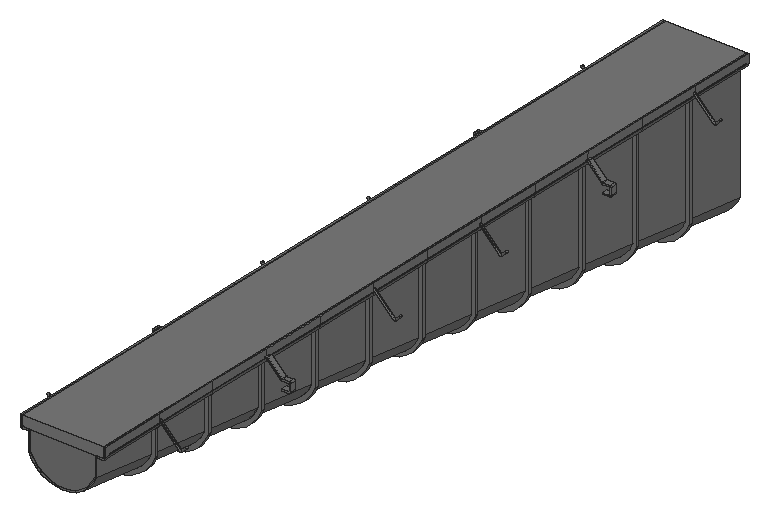
Revit family "9960", category Plumbing Fixtures, Revit 2014
Parameters (values of type "9960 - 4"")
  Waste Connection = yes
  Vent Connection = no
  URL = "http://www.jrsmith.com"
  Type Comments = "Wide Zip Trench"
  Product URL = "https://www.jrsmith.com/9960-zip-trench-drain"
  Product Documentation Link = "https://www.jrsmith.com/uploads/fileLibrary/d9960.pdf"
  Model = "9960"
  Manufacturer = "Jay R. Smith"
  HW Connection = no
  Description = "12-inch Wide Polypropylene Trench Drain System - Zip Trench™"  # constant formula
  Default Elevation = 0"
  Connection Size = 4"
  CW Connection = no
Reference planes (in)
  plane 1 "Center (Front/Back)": y = 0
  plane 2: z = 0
  plane 3 "Center (Left/Right)": x = 0
  plane 4: y = 29.75
  plane 5: y = -29.75
  plane 6: y = -59.3125
  plane 7: y = 59.3125
  plane 8: y = 49.45833
  plane 9: y = 39.60417
  plane 10: y = 9.91667
  plane 11: y = 19.83333
  plane 12: y = -9.91667
  plane 13: y = -19.83333
  plane 14: y = -49.45833
  plane 15: y = -39.60417
  plane 16: y = 49.13688
  plane 17: y = 39.28271
  plane 18: y = 29.42855
  plane 19: y = 19.51188
  plane 20: y = 9.59521
  plane 21: y = -49.13688
  plane 22: y = -39.28271
  plane 23: y = -29.42855
  plane 24: y = -19.51188
  plane 25: y = -9.59521
  plane 26: y = 0.15625
  plane 27: y = -0.15625
  plane 28: y = 58.99105
  plane 29: y = 49.29313
  plane 30: y = 19.66813
  plane 31: y = 9.75146
  plane 32: y = 29.5848
  plane 33: x = -10.1875
  plane 34: x = 10.1875
  plane 35: x = -6.28125
  plane 36: x = 6.28125
  plane 37: x = -4.8125
  plane 38: x = 4.8125
  plane 39: z = -1.5625
  plane 40: x = -2.65276
  plane 41: x = 2.65276
  plane 42: z = -2.31943
  plane 43: x = -2.65276
  plane 44: x = 2.65276
  plane 45: z = -3.56943
  plane 46: z = -7.56
  plane 47: z = -8.81
  plane 48: x = -2.65276
  plane 49: x = 2.65276
  plane 50: z = -3.56943
  plane 51: x = -2.65276
  plane 52: x = 2.65276
  plane 53: z = -4.81943
  plane 54: z = -8.81
  plane 55: z = -10.06
  plane 56: x = -2.65276
  plane 57: x = 2.65276
  plane 58: z = -4.81943
  plane 59: x = -2.65276
  plane 60: x = 2.65276
  plane 61: z = -6.06943
  plane 62: z = -10.06
  plane 63: z = -11.31
  plane 64: x = -2.65276
  plane 65: x = 2.65276
  plane 66: z = -6.06943
  plane 67: x = -2.65276
  plane 68: x = 2.65276
  plane 69: z = -7.31943
  plane 70: z = -11.31
  plane 71: z = -12.56
  plane 72: x = -2.65276
  plane 73: x = 2.65276
  plane 74: z = -7.31943
  plane 75: x = -2.65276
  plane 76: x = 2.65276
  plane 77: z = -8.56943
  plane 78: z = -12.56
  plane 79: z = -13.81
  plane 80: x = -2.65276
  plane 81: x = 2.65276
  plane 82: z = -8.56943
  plane 83: x = -2.65276
  plane 84: x = 2.65276
  plane 85: z = -9.81943
  plane 86: z = -13.81
  plane 87: z = -15.06
  plane 88: x = -2.65276
  plane 89: x = 2.65276
  plane 90: z = -9.81943
  plane 91: x = -2.65276
  plane 92: x = 2.65276
  plane 93: z = -11.06943
  plane 94: z = -15.06
  plane 95: z = -16.31
  plane 96: x = -2.65276
  plane 97: x = 2.65276
  plane 98: z = -11.06943
  plane 99: x = -2.65276
  plane 100: x = 2.65276
  plane 101: z = -12.31943
  plane 102: z = -16.31
  plane 103: z = -17.56
  plane 104: x = -2.65276
  plane 105: x = 2.65276
  plane 106: z = -12.31943
  plane 107: x = -2.65276
  plane 108: x = 2.65276
  plane 109: z = -13.56943
  plane 110: z = -17.56
  plane 111: z = -18.81
  plane 112: x = -2.65276
  plane 113: x = 2.65276
  plane 114: z = -13.56943
  plane 115: x = -2.65276
  plane 116: x = 2.65276
  plane 117: z = -14.81943
  plane 118: z = -18.81
  plane 119: z = -20.06
  plane 120: x = -2.65276
  plane 121: x = 2.65276
  plane 122: z = -14.81943
  plane 123: x = -2.65276
  plane 124: x = 2.65276
  plane 125: z = -16.06943
  plane 126: z = -20.06
  plane 127: z = -21.31
  plane 128: x = -2.65276
  plane 129: x = 2.65276
  plane 130: z = -16.06943
  plane 131: x = -2.65276
  plane 132: x = 2.65276
  plane 133: z = -17.31943
  plane 134: z = -21.31
  plane 135: z = -22.56
  plane 136: z = -20.31
Forms (in)
  Sweep 1, solid, material "Coated Steel"
    path origin (-3.8125, 49.29313, 0) x (1, 0, 0) y (0, 0, 1)
      loop
        line (-6.4375, -3.00878) -> (-5.8065, -3.63978)
        arc (-5.8065, -3.63978) -> (-5.60396, -3.72367) -> (-5.40141, -3.63978) r 0.28644
        line (-5.40141, -3.63978) -> (-2.46486, -0.70323)
    profile origin (-9.9345, 49.29313, -3.32428) x (0.707107, 0, 0.707107) y (0, -1, 0)
      loop
        circle (0, 0) r 0.125
  Sweep 2, solid, material "Coated Steel"
    path origin (-3.8125, 9.75146, 0) x (1, 0, 0) y (0, 0, 1)
      loop
        line (-6.4375, -3.00878) -> (-5.8065, -3.63978)
        arc (-5.8065, -3.63978) -> (-5.60396, -3.72367) -> (-5.40141, -3.63978) r 0.28644
        line (-5.40141, -3.63978) -> (-2.46486, -0.70323)
    profile origin (-9.9345, 9.75146, -3.32428) x (0.707107, 0, 0.707107) y (0, -1, 0)
      loop
        circle (0, 0) r 0.125
  Sweep 3, solid, material "Coated Steel"
    path origin (-3.8125, -9.75146, 0) x (1, 0, 0) y (0, 0, -1)
      loop
        line (-6.4375, 3.00878) -> (-5.8065, 3.63978)
        arc (-5.8065, 3.63978) -> (-5.60396, 3.72367) -> (-5.40141, 3.63978) r 0.28644
        line (-5.40141, 3.63978) -> (-2.46486, 0.70323)
    profile origin (-9.9345, -9.75146, -3.32428) x (-0.707107, 0, -0.707107) y (0, 1, 0)
      loop
        circle (0, 0) r 0.125
  Extrusion 4, solid, material "Coated Steel"
    sketch origin (0, -0.12653, 0) x (1, 0, 0) y (0, 0, 1)
      loop
        line (-6.7806, -0.8125) -> (-8.84024, -2.87214)
        arc (-8.84024, -2.87214) -> (-8.88121, -2.89951) -> (-8.92954, -2.90913) r 0.12629
        line (-8.92954, -2.90913) -> (-9.9859, -2.90913)
        arc (-9.9859, -2.90913) -> (-10.12845, -2.96818) -> (-10.1875, -3.11073) r 0.2016
        line (-10.1875, -3.11073) -> (-10.1875, -4.20026)
        arc (-10.1875, -4.20026) -> (-10.12632, -4.34795) -> (-9.97863, -4.40913) r 0.20887
        line (-9.97863, -4.40913) -> (-8.89523, -4.40913) -> (-8.89523, -4.21916) -> (-9.93024, -4.21916)
        arc (-9.93024, -4.21916) -> (-9.99657, -4.19168) -> (-10.02405, -4.12534) r 0.09381
        line (-10.02405, -4.12534) -> (-10.02405, -3.17579)
        arc (-10.02405, -3.17579) -> (-10.00501, -3.12981) -> (-9.95903, -3.11076) r 0.06502
        line (-9.95903, -3.11076) -> (-8.95054, -3.11076)
        arc (-8.95054, -3.11076) -> (-8.81922, -3.08464) -> (-8.70788, -3.01025) r 0.34317
        line (-8.70788, -3.01025) -> (-6.67419, -0.97656) -> (-6.31671, -0.97656) -> (-6.31671, -0.8125) -> (-6.7806, -0.8125)
      loop
        line (6.7806, -0.8125) -> (6.31671, -0.8125) -> (6.31671, -0.97656) -> (6.67419, -0.97656) -> (8.70788, -3.01025)
        arc (8.70788, -3.01025) -> (8.81922, -3.08464) -> (8.95054, -3.11076) r 0.34317
        line (8.95054, -3.11076) -> (9.95903, -3.11076)
        arc (9.95903, -3.11076) -> (10.00501, -3.12981) -> (10.02405, -3.17579) r 0.06502
        line (10.02405, -3.17579) -> (10.02405, -4.12534)
        arc (10.02405, -4.12534) -> (9.99657, -4.19168) -> (9.93024, -4.21916) r 0.09381
        line (9.93024, -4.21916) -> (8.89523, -4.21916) -> (8.89523, -4.40913) -> (9.97863, -4.40913)
        arc (9.97863, -4.40913) -> (10.12632, -4.34795) -> (10.1875, -4.20026) r 0.20887
        line (10.1875, -4.20026) -> (10.1875, -3.11073)
        arc (10.1875, -3.11073) -> (10.12845, -2.96818) -> (9.9859, -2.90913) r 0.2016
        line (9.9859, -2.90913) -> (8.92954, -2.90913)
        arc (8.92954, -2.90913) -> (8.88121, -2.89951) -> (8.84024, -2.87214) r 0.12629
        line (8.84024, -2.87214) -> (6.7806, -0.8125)
    from -30.12653 to -29.29612
  Extrusion 5, solid, material "Coated Steel"
    sketch origin (0, 0.12653, 0) x (1, 0, 0) y (0, 0, -1)
      loop
        line (6.7806, 0.8125) -> (8.84024, 2.87214)
        arc (8.84024, 2.87214) -> (8.88121, 2.89951) -> (8.92954, 2.90913) r 0.12629
        line (8.92954, 2.90913) -> (9.9859, 2.90913)
        arc (9.9859, 2.90913) -> (10.12845, 2.96818) -> (10.1875, 3.11073) r 0.2016
        line (10.1875, 3.11073) -> (10.1875, 4.20026)
        arc (10.1875, 4.20026) -> (10.12632, 4.34795) -> (9.97863, 4.40913) r 0.20887
        line (9.97863, 4.40913) -> (8.89523, 4.40913) -> (8.89523, 4.21916) -> (9.93024, 4.21916)
        arc (9.93024, 4.21916) -> (9.99657, 4.19168) -> (10.02405, 4.12534) r 0.09381
        line (10.02405, 4.12534) -> (10.02405, 3.17579)
        arc (10.02405, 3.17579) -> (10.00501, 3.12981) -> (9.95903, 3.11076) r 0.06502
        line (9.95903, 3.11076) -> (8.95054, 3.11076)
        arc (8.95054, 3.11076) -> (8.81922, 3.08464) -> (8.70788, 3.01025) r 0.34317
        line (8.70788, 3.01025) -> (6.67419, 0.97656) -> (6.31671, 0.97656) -> (6.31671, 0.8125) -> (6.7806, 0.8125)
      loop
        line (-6.7806, 0.8125) -> (-6.31671, 0.8125) -> (-6.31671, 0.97656) -> (-6.67419, 0.97656) -> (-8.70788, 3.01025)
        arc (-8.70788, 3.01025) -> (-8.81922, 3.08464) -> (-8.95054, 3.11076) r 0.34317
        line (-8.95054, 3.11076) -> (-9.95903, 3.11076)
        arc (-9.95903, 3.11076) -> (-10.00501, 3.12981) -> (-10.02405, 3.17579) r 0.06502
        line (-10.02405, 3.17579) -> (-10.02405, 4.12534)
        arc (-10.02405, 4.12534) -> (-9.99657, 4.19168) -> (-9.93024, 4.21916) r 0.09381
        line (-9.93024, 4.21916) -> (-8.89523, 4.21916) -> (-8.89523, 4.40913) -> (-9.97863, 4.40913)
        arc (-9.97863, 4.40913) -> (-10.12632, 4.34795) -> (-10.1875, 4.20026) r 0.20887
        line (-10.1875, 4.20026) -> (-10.1875, 3.11073)
        arc (-10.1875, 3.11073) -> (-10.12845, 2.96818) -> (-9.9859, 2.90913) r 0.2016
        line (-9.9859, 2.90913) -> (-8.92954, 2.90913)
        arc (-8.92954, 2.90913) -> (-8.88121, 2.89951) -> (-8.84024, 2.87214) r 0.12629
        line (-8.84024, 2.87214) -> (-6.7806, 0.8125)
    from -30.12653 to -29.29612
  Sweep 6, solid, material "Coated Steel"
    path origin (-3.8125, -49.29313, 0) x (1, 0, 0) y (0, 0, -1)
      loop
        line (-6.4375, 3.00878) -> (-5.8065, 3.63978)
        arc (-5.8065, 3.63978) -> (-5.60396, 3.72367) -> (-5.40141, 3.63978) r 0.28644
        line (-5.40141, 3.63978) -> (-2.46486, 0.70323)
    profile origin (-9.9345, -49.29313, -3.32428) x (-0.707107, 0, -0.707107) y (0, 1, 0)
      loop
        circle (0, 0) r 0.125
  Extrusion 7, solid, material "Steel"
    sketch origin (0, 0, 0) x (1, 0, 0) y (0, 0, 1)
      loop
        line (-6.03125, 0) -> (-6.03125, -1.3125)
        arc (-6.03125, -1.3125) -> (-5.95803, -1.48928) -> (-5.78125, -1.5625) r 0.25
        line (-5.78125, -1.5625) -> (5.78125, -1.5625)
        arc (5.78125, -1.5625) -> (5.95803, -1.48928) -> (6.03125, -1.3125) r 0.25
        line (6.03125, -1.3125) -> (6.03125, 0) -> (-6.03125, 0)
    from -59.3125 to 59.3125
  Blend 8, solid, material "Coated Steel"
    base sketch origin (-25, 0, 0) x (1, 0, 0) y (0, 0, 1)
      loop
        line (18.71875, 0) -> (18.71875, -1.3125)
        arc (18.71875, -1.3125) -> (18.8652, -1.66605) -> (19.21875, -1.8125) r 0.5
        line (19.21875, -1.8125) -> (19.9375, -1.8125) -> (19.9375, -5.69486)
        arc (19.9375, -5.69486) -> (25, -9.06) -> (30.0625, -5.69486) r 5.49057
        line (30.0625, -5.69486) -> (30.0625, -1.8125) -> (30.78125, -1.8125)
        arc (30.78125, -1.8125) -> (31.1348, -1.66605) -> (31.28125, -1.3125) r 0.5
        line (31.28125, -1.3125) -> (31.28125, 0) -> (31.03125, 0) -> (31.03125, -1.3125)
        arc (31.03125, -1.3125) -> (30.95803, -1.48928) -> (30.78125, -1.5625) r 0.25
        line (30.78125, -1.5625) -> (30.03687, -1.5625)
        arc (30.03687, -1.5625) -> (29.87822, -1.62822) -> (29.8125, -1.78687) r 0.22437
        line (29.8125, -1.78687) -> (29.8125, -5.6439)
        arc (29.8125, -5.6439) -> (25, -8.81) -> (20.1875, -5.6439) r 5.24057
        line (20.1875, -5.6439) -> (20.1875, -1.78687)
        arc (20.1875, -1.78687) -> (20.12178, -1.62822) -> (19.96313, -1.5625) r 0.22437
        line (19.96313, -1.5625) -> (19.21875, -1.5625)
        arc (19.21875, -1.5625) -> (19.04197, -1.48928) -> (18.96875, -1.3125) r 0.25
        line (18.96875, -1.3125) -> (18.96875, 0) -> (18.71875, 0)
    top sketch origin (-25, 0, 0) x (1, 0, 0) y (0, 0, 1)
      loop
        line (18.71875, 0) -> (18.71875, -1.3125)
        arc (18.71875, -1.3125) -> (18.8652, -1.66605) -> (19.21875, -1.8125) r 0.5
        line (19.21875, -1.8125) -> (19.9375, -1.8125) -> (19.9375, -4.44486)
        arc (19.9375, -4.44486) -> (25, -7.81) -> (30.0625, -4.44486) r 5.49057
        line (30.0625, -4.44486) -> (30.0625, -1.8125) -> (30.78125, -1.8125)
        arc (30.78125, -1.8125) -> (31.1348, -1.66605) -> (31.28125, -1.3125) r 0.5
        line (31.28125, -1.3125) -> (31.28125, 0) -> (31.03125, 0) -> (31.03125, -1.3125)
        arc (31.03125, -1.3125) -> (30.95803, -1.48928) -> (30.78125, -1.5625) r 0.25
        line (30.78125, -1.5625) -> (30.03687, -1.5625)
        arc (30.03687, -1.5625) -> (29.87822, -1.62822) -> (29.8125, -1.78687) r 0.22437
        line (29.8125, -1.78687) -> (29.8125, -4.3939)
        arc (29.8125, -4.3939) -> (25, -7.56) -> (20.1875, -4.3939) r 5.24057
        line (20.1875, -4.3939) -> (20.1875, -1.78687)
        arc (20.1875, -1.78687) -> (20.12178, -1.62822) -> (19.96313, -1.5625) r 0.22437
        line (19.96313, -1.5625) -> (19.21875, -1.5625)
        arc (19.21875, -1.5625) -> (19.04197, -1.48928) -> (18.96875, -1.3125) r 0.25
        line (18.96875, -1.3125) -> (18.96875, 0) -> (18.71875, 0)
    from 49.45833 to 59.3125
  Extrusion 9, solid, material "Coated Steel"
    sketch origin (0, -98.59521, 0) x (1, 0, 0) y (0, 0, 1)
      loop
        arc (5.0625, -5.69486) -> (0, -9.06) -> (-5.0625, -5.69486) r 5.49057
        line (-5.0625, -5.69486) -> (-5.0625, -1.8125) -> (-5.78125, -1.8125) -> (-5.78125, -5.835)
        arc (-5.78125, -5.835) -> (0, -9.77875) -> (5.78125, -5.835) r 6.20932
        line (5.78125, -5.835) -> (5.78125, -1.8125) -> (5.0625, -1.8125) -> (5.0625, -5.69486)
    from -49.45833 to -49.13688
  Sweep 10, solid, material "Coated Steel"
    path origin (3.8125, 49.29313, 0) x (-1, 0, 0) y (0, 0, -1)
      loop
        line (-6.4375, 3.00878) -> (-5.8065, 3.63978)
        arc (-5.8065, 3.63978) -> (-5.60396, 3.72367) -> (-5.40141, 3.63978) r 0.28644
        line (-5.40141, 3.63978) -> (-2.46486, 0.70323)
    profile origin (9.9345, 49.29313, -3.32428) x (0.707107, 0, -0.707107) y (0, -1, 0)
      loop
        circle (0, 0) r 0.125
  Sweep 11, solid, material "Coated Steel"
    path origin (3.8125, 9.75146, 0) x (-1, 0, 0) y (0, 0, -1)
      loop
        line (-6.4375, 3.00878) -> (-5.8065, 3.63978)
        arc (-5.8065, 3.63978) -> (-5.60396, 3.72367) -> (-5.40141, 3.63978) r 0.28644
        line (-5.40141, 3.63978) -> (-2.46486, 0.70323)
    profile origin (9.9345, 9.75146, -3.32428) x (0.707107, 0, -0.707107) y (0, -1, 0)
      loop
        circle (0, 0) r 0.125
  Sweep 12, solid, material "Coated Steel"
    path origin (3.8125, -9.75146, 0) x (-1, 0, 0) y (0, 0, 1)
      loop
        line (-6.4375, -3.00878) -> (-5.8065, -3.63978)
        arc (-5.8065, -3.63978) -> (-5.60396, -3.72367) -> (-5.40141, -3.63978) r 0.28644
        line (-5.40141, -3.63978) -> (-2.46486, -0.70323)
    profile origin (9.9345, -9.75146, -3.32428) x (-0.707107, 0, 0.707107) y (0, 1, 0)
      loop
        circle (0, 0) r 0.125
  Sweep 13, solid, material "Coated Steel"
    path origin (3.8125, -49.29313, 0) x (-1, 0, 0) y (0, 0, 1)
      loop
        line (-6.4375, -3.00878) -> (-5.8065, -3.63978)
        arc (-5.8065, -3.63978) -> (-5.60396, -3.72367) -> (-5.40141, -3.63978) r 0.28644
        line (-5.40141, -3.63978) -> (-2.46486, -0.70323)
    profile origin (9.9345, -49.29313, -3.32428) x (-0.707107, 0, 0.707107) y (0, 1, 0)
      loop
        circle (0, 0) r 0.125
  Blend 14, solid, material "Coated Steel"
    base sketch origin (-25, 0, 0) x (1, 0, 0) y (0, 0, 1)
      loop
        line (18.71875, 0) -> (18.71875, -1.3125)
        arc (18.71875, -1.3125) -> (18.8652, -1.66605) -> (19.21875, -1.8125) r 0.5
        line (19.21875, -1.8125) -> (19.9375, -1.8125) -> (19.9375, -6.94486)
        arc (19.9375, -6.94486) -> (25, -10.31) -> (30.0625, -6.94486) r 5.49057
        line (30.0625, -6.94486) -> (30.0625, -1.8125) -> (30.78125, -1.8125)
        arc (30.78125, -1.8125) -> (31.1348, -1.66605) -> (31.28125, -1.3125) r 0.5
        line (31.28125, -1.3125) -> (31.28125, 0) -> (31.03125, 0) -> (31.03125, -1.3125)
        arc (31.03125, -1.3125) -> (30.95803, -1.48928) -> (30.78125, -1.5625) r 0.25
        line (30.78125, -1.5625) -> (30.03687, -1.5625)
        arc (30.03687, -1.5625) -> (29.87822, -1.62822) -> (29.8125, -1.78687) r 0.22437
        line (29.8125, -1.78687) -> (29.8125, -6.8939)
        arc (29.8125, -6.8939) -> (25, -10.06) -> (20.1875, -6.8939) r 5.24057
        line (20.1875, -6.8939) -> (20.1875, -1.78687)
        arc (20.1875, -1.78687) -> (20.12178, -1.62822) -> (19.96313, -1.5625) r 0.22437
        line (19.96313, -1.5625) -> (19.21875, -1.5625)
        arc (19.21875, -1.5625) -> (19.04197, -1.48928) -> (18.96875, -1.3125) r 0.25
        line (18.96875, -1.3125) -> (18.96875, 0) -> (18.71875, 0)
    top sketch origin (-25, 0, 0) x (1, 0, 0) y (0, 0, 1)
      loop
        line (18.71875, 0) -> (18.71875, -1.3125)
        arc (18.71875, -1.3125) -> (18.8652, -1.66605) -> (19.21875, -1.8125) r 0.5
        line (19.21875, -1.8125) -> (19.9375, -1.8125) -> (19.9375, -5.69486)
        arc (19.9375, -5.69486) -> (25, -9.06) -> (30.0625, -5.69486) r 5.49057
        line (30.0625, -5.69486) -> (30.0625, -1.8125) -> (30.78125, -1.8125)
        arc (30.78125, -1.8125) -> (31.1348, -1.66605) -> (31.28125, -1.3125) r 0.5
        line (31.28125, -1.3125) -> (31.28125, 0) -> (31.03125, 0) -> (31.03125, -1.3125)
        arc (31.03125, -1.3125) -> (30.95803, -1.48928) -> (30.78125, -1.5625) r 0.25
        line (30.78125, -1.5625) -> (30.03687, -1.5625)
        arc (30.03687, -1.5625) -> (29.87822, -1.62822) -> (29.8125, -1.78687) r 0.22437
        line (29.8125, -1.78687) -> (29.8125, -5.6439)
        arc (29.8125, -5.6439) -> (25, -8.81) -> (20.1875, -5.6439) r 5.24057
        line (20.1875, -5.6439) -> (20.1875, -1.78687)
        arc (20.1875, -1.78687) -> (20.12178, -1.62822) -> (19.96313, -1.5625) r 0.22437
        line (19.96313, -1.5625) -> (19.21875, -1.5625)
        arc (19.21875, -1.5625) -> (19.04197, -1.48928) -> (18.96875, -1.3125) r 0.25
        line (18.96875, -1.3125) -> (18.96875, 0) -> (18.71875, 0)
    from 39.60417 to 49.45833
  Blend 15, solid, material "Coated Steel"
    base sketch origin (-25, 0, 0) x (1, 0, 0) y (0, 0, 1)
      loop
        line (18.71875, 0) -> (18.71875, -1.3125)
        arc (18.71875, -1.3125) -> (18.8652, -1.66605) -> (19.21875, -1.8125) r 0.5
        line (19.21875, -1.8125) -> (19.9375, -1.8125) -> (19.9375, -8.19486)
        arc (19.9375, -8.19486) -> (25, -11.56) -> (30.0625, -8.19486) r 5.49057
        line (30.0625, -8.19486) -> (30.0625, -1.8125) -> (30.78125, -1.8125)
        arc (30.78125, -1.8125) -> (31.1348, -1.66605) -> (31.28125, -1.3125) r 0.5
        line (31.28125, -1.3125) -> (31.28125, 0) -> (31.03125, 0) -> (31.03125, -1.3125)
        arc (31.03125, -1.3125) -> (30.95803, -1.48928) -> (30.78125, -1.5625) r 0.25
        line (30.78125, -1.5625) -> (30.03687, -1.5625)
        arc (30.03687, -1.5625) -> (29.87822, -1.62822) -> (29.8125, -1.78687) r 0.22437
        line (29.8125, -1.78687) -> (29.8125, -8.1439)
        arc (29.8125, -8.1439) -> (25, -11.31) -> (20.1875, -8.1439) r 5.24057
        line (20.1875, -8.1439) -> (20.1875, -1.78687)
        arc (20.1875, -1.78687) -> (20.12178, -1.62822) -> (19.96313, -1.5625) r 0.22437
        line (19.96313, -1.5625) -> (19.21875, -1.5625)
        arc (19.21875, -1.5625) -> (19.04197, -1.48928) -> (18.96875, -1.3125) r 0.25
        line (18.96875, -1.3125) -> (18.96875, 0) -> (18.71875, 0)
    top sketch origin (-25, 0, 0) x (1, 0, 0) y (0, 0, 1)
      loop
        line (18.71875, 0) -> (18.71875, -1.3125)
        arc (18.71875, -1.3125) -> (18.8652, -1.66605) -> (19.21875, -1.8125) r 0.5
        line (19.21875, -1.8125) -> (19.9375, -1.8125) -> (19.9375, -6.94486)
        arc (19.9375, -6.94486) -> (25, -10.31) -> (30.0625, -6.94486) r 5.49057
        line (30.0625, -6.94486) -> (30.0625, -1.8125) -> (30.78125, -1.8125)
        arc (30.78125, -1.8125) -> (31.1348, -1.66605) -> (31.28125, -1.3125) r 0.5
        line (31.28125, -1.3125) -> (31.28125, 0) -> (31.03125, 0) -> (31.03125, -1.3125)
        arc (31.03125, -1.3125) -> (30.95803, -1.48928) -> (30.78125, -1.5625) r 0.25
        line (30.78125, -1.5625) -> (30.03687, -1.5625)
        arc (30.03687, -1.5625) -> (29.87822, -1.62822) -> (29.8125, -1.78687) r 0.22437
        line (29.8125, -1.78687) -> (29.8125, -6.8939)
        arc (29.8125, -6.8939) -> (25, -10.06) -> (20.1875, -6.8939) r 5.24057
        line (20.1875, -6.8939) -> (20.1875, -1.78687)
        arc (20.1875, -1.78687) -> (20.12178, -1.62822) -> (19.96313, -1.5625) r 0.22437
        line (19.96313, -1.5625) -> (19.21875, -1.5625)
        arc (19.21875, -1.5625) -> (19.04197, -1.48928) -> (18.96875, -1.3125) r 0.25
        line (18.96875, -1.3125) -> (18.96875, 0) -> (18.71875, 0)
    from 29.75 to 39.60417
  Blend 16, solid, material "Coated Steel"
    base sketch origin (-25, 0, 0) x (1, 0, 0) y (0, 0, 1)
      loop
        line (18.71875, 0) -> (18.71875, -1.3125)
        arc (18.71875, -1.3125) -> (18.8652, -1.66605) -> (19.21875, -1.8125) r 0.5
        line (19.21875, -1.8125) -> (19.9375, -1.8125) -> (19.9375, -9.44486)
        arc (19.9375, -9.44486) -> (25, -12.81) -> (30.0625, -9.44486) r 5.49057
        line (30.0625, -9.44486) -> (30.0625, -1.8125) -> (30.78125, -1.8125)
        arc (30.78125, -1.8125) -> (31.1348, -1.66605) -> (31.28125, -1.3125) r 0.5
        line (31.28125, -1.3125) -> (31.28125, 0) -> (31.03125, 0) -> (31.03125, -1.3125)
        arc (31.03125, -1.3125) -> (30.95803, -1.48928) -> (30.78125, -1.5625) r 0.25
        line (30.78125, -1.5625) -> (30.03687, -1.5625)
        arc (30.03687, -1.5625) -> (29.87822, -1.62822) -> (29.8125, -1.78687) r 0.22437
        line (29.8125, -1.78687) -> (29.8125, -9.3939)
        arc (29.8125, -9.3939) -> (25, -12.56) -> (20.1875, -9.3939) r 5.24057
        line (20.1875, -9.3939) -> (20.1875, -1.78687)
        arc (20.1875, -1.78687) -> (20.12178, -1.62822) -> (19.96313, -1.5625) r 0.22437
        line (19.96313, -1.5625) -> (19.21875, -1.5625)
        arc (19.21875, -1.5625) -> (19.04197, -1.48928) -> (18.96875, -1.3125) r 0.25
        line (18.96875, -1.3125) -> (18.96875, 0) -> (18.71875, 0)
    top sketch origin (-25, 0, 0) x (1, 0, 0) y (0, 0, 1)
      loop
        line (18.71875, 0) -> (18.71875, -1.3125)
        arc (18.71875, -1.3125) -> (18.8652, -1.66605) -> (19.21875, -1.8125) r 0.5
        line (19.21875, -1.8125) -> (19.9375, -1.8125) -> (19.9375, -8.19486)
        arc (19.9375, -8.19486) -> (25, -11.56) -> (30.0625, -8.19486) r 5.49057
        line (30.0625, -8.19486) -> (30.0625, -1.8125) -> (30.78125, -1.8125)
        arc (30.78125, -1.8125) -> (31.1348, -1.66605) -> (31.28125, -1.3125) r 0.5
        line (31.28125, -1.3125) -> (31.28125, 0) -> (31.03125, 0) -> (31.03125, -1.3125)
        arc (31.03125, -1.3125) -> (30.95803, -1.48928) -> (30.78125, -1.5625) r 0.25
        line (30.78125, -1.5625) -> (30.03687, -1.5625)
        arc (30.03687, -1.5625) -> (29.87822, -1.62822) -> (29.8125, -1.78687) r 0.22437
        line (29.8125, -1.78687) -> (29.8125, -8.1439)
        arc (29.8125, -8.1439) -> (25, -11.31) -> (20.1875, -8.1439) r 5.24057
        line (20.1875, -8.1439) -> (20.1875, -1.78687)
        arc (20.1875, -1.78687) -> (20.12178, -1.62822) -> (19.96313, -1.5625) r 0.22437
        line (19.96313, -1.5625) -> (19.21875, -1.5625)
        arc (19.21875, -1.5625) -> (19.04197, -1.48928) -> (18.96875, -1.3125) r 0.25
        line (18.96875, -1.3125) -> (18.96875, 0) -> (18.71875, 0)
    from 19.83333 to 29.75
  Blend 17, solid, material "Coated Steel"
    base sketch origin (-25, 0, 0) x (1, 0, 0) y (0, 0, 1)
      loop
        line (18.71875, 0) -> (18.71875, -1.3125)
        arc (18.71875, -1.3125) -> (18.8652, -1.66605) -> (19.21875, -1.8125) r 0.5
        line (19.21875, -1.8125) -> (19.9375, -1.8125) -> (19.9375, -10.69486)
        arc (19.9375, -10.69486) -> (25, -14.06) -> (30.0625, -10.69486) r 5.49057
        line (30.0625, -10.69486) -> (30.0625, -1.8125) -> (30.78125, -1.8125)
        arc (30.78125, -1.8125) -> (31.1348, -1.66605) -> (31.28125, -1.3125) r 0.5
        line (31.28125, -1.3125) -> (31.28125, 0) -> (31.03125, 0) -> (31.03125, -1.3125)
        arc (31.03125, -1.3125) -> (30.95803, -1.48928) -> (30.78125, -1.5625) r 0.25
        line (30.78125, -1.5625) -> (30.03687, -1.5625)
        arc (30.03687, -1.5625) -> (29.87822, -1.62822) -> (29.8125, -1.78687) r 0.22437
        line (29.8125, -1.78687) -> (29.8125, -10.6439)
        arc (29.8125, -10.6439) -> (25, -13.81) -> (20.1875, -10.6439) r 5.24057
        line (20.1875, -10.6439) -> (20.1875, -1.78687)
        arc (20.1875, -1.78687) -> (20.12178, -1.62822) -> (19.96313, -1.5625) r 0.22437
        line (19.96313, -1.5625) -> (19.21875, -1.5625)
        arc (19.21875, -1.5625) -> (19.04197, -1.48928) -> (18.96875, -1.3125) r 0.25
        line (18.96875, -1.3125) -> (18.96875, 0) -> (18.71875, 0)
    top sketch origin (-25, 0, 0) x (1, 0, 0) y (0, 0, 1)
      loop
        line (18.71875, 0) -> (18.71875, -1.3125)
        arc (18.71875, -1.3125) -> (18.8652, -1.66605) -> (19.21875, -1.8125) r 0.5
        line (19.21875, -1.8125) -> (19.9375, -1.8125) -> (19.9375, -9.44486)
        arc (19.9375, -9.44486) -> (25, -12.81) -> (30.0625, -9.44486) r 5.49057
        line (30.0625, -9.44486) -> (30.0625, -1.8125) -> (30.78125, -1.8125)
        arc (30.78125, -1.8125) -> (31.1348, -1.66605) -> (31.28125, -1.3125) r 0.5
        line (31.28125, -1.3125) -> (31.28125, 0) -> (31.03125, 0) -> (31.03125, -1.3125)
        arc (31.03125, -1.3125) -> (30.95803, -1.48928) -> (30.78125, -1.5625) r 0.25
        line (30.78125, -1.5625) -> (30.03687, -1.5625)
        arc (30.03687, -1.5625) -> (29.87822, -1.62822) -> (29.8125, -1.78687) r 0.22437
        line (29.8125, -1.78687) -> (29.8125, -9.3939)
        arc (29.8125, -9.3939) -> (25, -12.56) -> (20.1875, -9.3939) r 5.24057
        line (20.1875, -9.3939) -> (20.1875, -1.78687)
        arc (20.1875, -1.78687) -> (20.12178, -1.62822) -> (19.96313, -1.5625) r 0.22437
        line (19.96313, -1.5625) -> (19.21875, -1.5625)
        arc (19.21875, -1.5625) -> (19.04197, -1.48928) -> (18.96875, -1.3125) r 0.25
        line (18.96875, -1.3125) -> (18.96875, 0) -> (18.71875, 0)
    from 9.91667 to 19.83333
  Blend 18, solid, material "Coated Steel"
    base sketch origin (-25, 0, 0) x (1, 0, 0) y (0, 0, 1)
      loop
        line (18.71875, 0) -> (18.71875, -1.3125)
        arc (18.71875, -1.3125) -> (18.8652, -1.66605) -> (19.21875, -1.8125) r 0.5
        line (19.21875, -1.8125) -> (19.9375, -1.8125) -> (19.9375, -11.94486)
        arc (19.9375, -11.94486) -> (25, -15.31) -> (30.0625, -11.94486) r 5.49057
        line (30.0625, -11.94486) -> (30.0625, -1.8125) -> (30.78125, -1.8125)
        arc (30.78125, -1.8125) -> (31.1348, -1.66605) -> (31.28125, -1.3125) r 0.5
        line (31.28125, -1.3125) -> (31.28125, 0) -> (31.03125, 0) -> (31.03125, -1.3125)
        arc (31.03125, -1.3125) -> (30.95803, -1.48928) -> (30.78125, -1.5625) r 0.25
        line (30.78125, -1.5625) -> (30.03687, -1.5625)
        arc (30.03687, -1.5625) -> (29.87822, -1.62822) -> (29.8125, -1.78687) r 0.22437
        line (29.8125, -1.78687) -> (29.8125, -11.8939)
        arc (29.8125, -11.8939) -> (25, -15.06) -> (20.1875, -11.8939) r 5.24057
        line (20.1875, -11.8939) -> (20.1875, -1.78687)
        arc (20.1875, -1.78687) -> (20.12178, -1.62822) -> (19.96313, -1.5625) r 0.22437
        line (19.96313, -1.5625) -> (19.21875, -1.5625)
        arc (19.21875, -1.5625) -> (19.04197, -1.48928) -> (18.96875, -1.3125) r 0.25
        line (18.96875, -1.3125) -> (18.96875, 0) -> (18.71875, 0)
    top sketch origin (-25, 0, 0) x (1, 0, 0) y (0, 0, 1)
      loop
        line (18.71875, 0) -> (18.71875, -1.3125)
        arc (18.71875, -1.3125) -> (18.8652, -1.66605) -> (19.21875, -1.8125) r 0.5
        line (19.21875, -1.8125) -> (19.9375, -1.8125) -> (19.9375, -10.69486)
        arc (19.9375, -10.69486) -> (25, -14.06) -> (30.0625, -10.69486) r 5.49057
        line (30.0625, -10.69486) -> (30.0625, -1.8125) -> (30.78125, -1.8125)
        arc (30.78125, -1.8125) -> (31.1348, -1.66605) -> (31.28125, -1.3125) r 0.5
        line (31.28125, -1.3125) -> (31.28125, 0) -> (31.03125, 0) -> (31.03125, -1.3125)
        arc (31.03125, -1.3125) -> (30.95803, -1.48928) -> (30.78125, -1.5625) r 0.25
        line (30.78125, -1.5625) -> (30.03687, -1.5625)
        arc (30.03687, -1.5625) -> (29.87822, -1.62822) -> (29.8125, -1.78687) r 0.22437
        line (29.8125, -1.78687) -> (29.8125, -10.6439)
        arc (29.8125, -10.6439) -> (25, -13.81) -> (20.1875, -10.6439) r 5.24057
        line (20.1875, -10.6439) -> (20.1875, -1.78687)
        arc (20.1875, -1.78687) -> (20.12178, -1.62822) -> (19.96313, -1.5625) r 0.22437
        line (19.96313, -1.5625) -> (19.21875, -1.5625)
        arc (19.21875, -1.5625) -> (19.04197, -1.48928) -> (18.96875, -1.3125) r 0.25
        line (18.96875, -1.3125) -> (18.96875, 0) -> (18.71875, 0)
    from 0 to 9.91667
  Blend 19, solid, material "Coated Steel"
    base sketch origin (-25, 0, 0) x (1, 0, 0) y (0, 0, 1)
      loop
        line (18.71875, 0) -> (18.71875, -1.3125)
        arc (18.71875, -1.3125) -> (18.8652, -1.66605) -> (19.21875, -1.8125) r 0.5
        line (19.21875, -1.8125) -> (19.9375, -1.8125) -> (19.9375, -13.19486)
        arc (19.9375, -13.19486) -> (25, -16.56) -> (30.0625, -13.19486) r 5.49057
        line (30.0625, -13.19486) -> (30.0625, -1.8125) -> (30.78125, -1.8125)
        arc (30.78125, -1.8125) -> (31.1348, -1.66605) -> (31.28125, -1.3125) r 0.5
        line (31.28125, -1.3125) -> (31.28125, 0) -> (31.03125, 0) -> (31.03125, -1.3125)
        arc (31.03125, -1.3125) -> (30.95803, -1.48928) -> (30.78125, -1.5625) r 0.25
        line (30.78125, -1.5625) -> (30.03687, -1.5625)
        arc (30.03687, -1.5625) -> (29.87822, -1.62822) -> (29.8125, -1.78687) r 0.22437
        line (29.8125, -1.78687) -> (29.8125, -13.1439)
        arc (29.8125, -13.1439) -> (25, -16.31) -> (20.1875, -13.1439) r 5.24057
        line (20.1875, -13.1439) -> (20.1875, -1.78687)
        arc (20.1875, -1.78687) -> (20.12178, -1.62822) -> (19.96313, -1.5625) r 0.22437
        line (19.96313, -1.5625) -> (19.21875, -1.5625)
        arc (19.21875, -1.5625) -> (19.04197, -1.48928) -> (18.96875, -1.3125) r 0.25
        line (18.96875, -1.3125) -> (18.96875, 0) -> (18.71875, 0)
    top sketch origin (-25, 0, 0) x (1, 0, 0) y (0, 0, 1)
      loop
        line (18.71875, 0) -> (18.71875, -1.3125)
        arc (18.71875, -1.3125) -> (18.8652, -1.66605) -> (19.21875, -1.8125) r 0.5
        line (19.21875, -1.8125) -> (19.9375, -1.8125) -> (19.9375, -11.94486)
        arc (19.9375, -11.94486) -> (25, -15.31) -> (30.0625, -11.94486) r 5.49057
        line (30.0625, -11.94486) -> (30.0625, -1.8125) -> (30.78125, -1.8125)
        arc (30.78125, -1.8125) -> (31.1348, -1.66605) -> (31.28125, -1.3125) r 0.5
        line (31.28125, -1.3125) -> (31.28125, 0) -> (31.03125, 0) -> (31.03125, -1.3125)
        arc (31.03125, -1.3125) -> (30.95803, -1.48928) -> (30.78125, -1.5625) r 0.25
        line (30.78125, -1.5625) -> (30.03687, -1.5625)
        arc (30.03687, -1.5625) -> (29.87822, -1.62822) -> (29.8125, -1.78687) r 0.22437
        line (29.8125, -1.78687) -> (29.8125, -11.8939)
        arc (29.8125, -11.8939) -> (25, -15.06) -> (20.1875, -11.8939) r 5.24057
        line (20.1875, -11.8939) -> (20.1875, -1.78687)
        arc (20.1875, -1.78687) -> (20.12178, -1.62822) -> (19.96313, -1.5625) r 0.22437
        line (19.96313, -1.5625) -> (19.21875, -1.5625)
        arc (19.21875, -1.5625) -> (19.04197, -1.48928) -> (18.96875, -1.3125) r 0.25
        line (18.96875, -1.3125) -> (18.96875, 0) -> (18.71875, 0)
    from -9.91667 to 0
  Blend 20, solid, material "Coated Steel"
    base sketch origin (-25, 0, 0) x (1, 0, 0) y (0, 0, 1)
      loop
        line (18.71875, 0) -> (18.71875, -1.3125)
        arc (18.71875, -1.3125) -> (18.8652, -1.66605) -> (19.21875, -1.8125) r 0.5
        line (19.21875, -1.8125) -> (19.9375, -1.8125) -> (19.9375, -14.44486)
        arc (19.9375, -14.44486) -> (25, -17.81) -> (30.0625, -14.44486) r 5.49057
        line (30.0625, -14.44486) -> (30.0625, -1.8125) -> (30.78125, -1.8125)
        arc (30.78125, -1.8125) -> (31.1348, -1.66605) -> (31.28125, -1.3125) r 0.5
        line (31.28125, -1.3125) -> (31.28125, 0) -> (31.03125, 0) -> (31.03125, -1.3125)
        arc (31.03125, -1.3125) -> (30.95803, -1.48928) -> (30.78125, -1.5625) r 0.25
        line (30.78125, -1.5625) -> (30.03687, -1.5625)
        arc (30.03687, -1.5625) -> (29.87822, -1.62822) -> (29.8125, -1.78687) r 0.22437
        line (29.8125, -1.78687) -> (29.8125, -14.3939)
        arc (29.8125, -14.3939) -> (25, -17.56) -> (20.1875, -14.3939) r 5.24057
        line (20.1875, -14.3939) -> (20.1875, -1.78687)
        arc (20.1875, -1.78687) -> (20.12178, -1.62822) -> (19.96313, -1.5625) r 0.22437
        line (19.96313, -1.5625) -> (19.21875, -1.5625)
        arc (19.21875, -1.5625) -> (19.04197, -1.48928) -> (18.96875, -1.3125) r 0.25
        line (18.96875, -1.3125) -> (18.96875, 0) -> (18.71875, 0)
    top sketch origin (-25, 0, 0) x (1, 0, 0) y (0, 0, 1)
      loop
        line (18.71875, 0) -> (18.71875, -1.3125)
        arc (18.71875, -1.3125) -> (18.8652, -1.66605) -> (19.21875, -1.8125) r 0.5
        line (19.21875, -1.8125) -> (19.9375, -1.8125) -> (19.9375, -13.19486)
        arc (19.9375, -13.19486) -> (25, -16.56) -> (30.0625, -13.19486) r 5.49057
        line (30.0625, -13.19486) -> (30.0625, -1.8125) -> (30.78125, -1.8125)
        arc (30.78125, -1.8125) -> (31.1348, -1.66605) -> (31.28125, -1.3125) r 0.5
        line (31.28125, -1.3125) -> (31.28125, 0) -> (31.03125, 0) -> (31.03125, -1.3125)
        arc (31.03125, -1.3125) -> (30.95803, -1.48928) -> (30.78125, -1.5625) r 0.25
        line (30.78125, -1.5625) -> (30.03687, -1.5625)
        arc (30.03687, -1.5625) -> (29.87822, -1.62822) -> (29.8125, -1.78687) r 0.22437
        line (29.8125, -1.78687) -> (29.8125, -13.1439)
        arc (29.8125, -13.1439) -> (25, -16.31) -> (20.1875, -13.1439) r 5.24057
        line (20.1875, -13.1439) -> (20.1875, -1.78687)
        arc (20.1875, -1.78687) -> (20.12178, -1.62822) -> (19.96313, -1.5625) r 0.22437
        line (19.96313, -1.5625) -> (19.21875, -1.5625)
        arc (19.21875, -1.5625) -> (19.04197, -1.48928) -> (18.96875, -1.3125) r 0.25
        line (18.96875, -1.3125) -> (18.96875, 0) -> (18.71875, 0)
    from -19.83333 to -9.91667
  Blend 21, solid, material "Coated Steel"
    base sketch origin (-25, 0, 0) x (1, 0, 0) y (0, 0, 1)
      loop
        line (18.71875, 0) -> (18.71875, -1.3125)
        arc (18.71875, -1.3125) -> (18.8652, -1.66605) -> (19.21875, -1.8125) r 0.5
        line (19.21875, -1.8125) -> (19.9375, -1.8125) -> (19.9375, -15.69486)
        arc (19.9375, -15.69486) -> (25, -19.06) -> (30.0625, -15.69486) r 5.49057
        line (30.0625, -15.69486) -> (30.0625, -1.8125) -> (30.78125, -1.8125)
        arc (30.78125, -1.8125) -> (31.1348, -1.66605) -> (31.28125, -1.3125) r 0.5
        line (31.28125, -1.3125) -> (31.28125, 0) -> (31.03125, 0) -> (31.03125, -1.3125)
        arc (31.03125, -1.3125) -> (30.95803, -1.48928) -> (30.78125, -1.5625) r 0.25
        line (30.78125, -1.5625) -> (30.03687, -1.5625)
        arc (30.03687, -1.5625) -> (29.87822, -1.62822) -> (29.8125, -1.78687) r 0.22437
        line (29.8125, -1.78687) -> (29.8125, -15.6439)
        arc (29.8125, -15.6439) -> (25, -18.81) -> (20.1875, -15.6439) r 5.24057
        line (20.1875, -15.6439) -> (20.1875, -1.78687)
        arc (20.1875, -1.78687) -> (20.12178, -1.62822) -> (19.96313, -1.5625) r 0.22437
        line (19.96313, -1.5625) -> (19.21875, -1.5625)
        arc (19.21875, -1.5625) -> (19.04197, -1.48928) -> (18.96875, -1.3125) r 0.25
        line (18.96875, -1.3125) -> (18.96875, 0) -> (18.71875, 0)
    top sketch origin (-25, 0, 0) x (1, 0, 0) y (0, 0, 1)
      loop
        line (18.71875, 0) -> (18.71875, -1.3125)
        arc (18.71875, -1.3125) -> (18.8652, -1.66605) -> (19.21875, -1.8125) r 0.5
        line (19.21875, -1.8125) -> (19.9375, -1.8125) -> (19.9375, -14.44486)
        arc (19.9375, -14.44486) -> (25, -17.81) -> (30.0625, -14.44486) r 5.49057
        line (30.0625, -14.44486) -> (30.0625, -1.8125) -> (30.78125, -1.8125)
        arc (30.78125, -1.8125) -> (31.1348, -1.66605) -> (31.28125, -1.3125) r 0.5
        line (31.28125, -1.3125) -> (31.28125, 0) -> (31.03125, 0) -> (31.03125, -1.3125)
        arc (31.03125, -1.3125) -> (30.95803, -1.48928) -> (30.78125, -1.5625) r 0.25
        line (30.78125, -1.5625) -> (30.03687, -1.5625)
        arc (30.03687, -1.5625) -> (29.87822, -1.62822) -> (29.8125, -1.78687) r 0.22437
        line (29.8125, -1.78687) -> (29.8125, -14.3939)
        arc (29.8125, -14.3939) -> (25, -17.56) -> (20.1875, -14.3939) r 5.24057
        line (20.1875, -14.3939) -> (20.1875, -1.78687)
        arc (20.1875, -1.78687) -> (20.12178, -1.62822) -> (19.96313, -1.5625) r 0.22437
        line (19.96313, -1.5625) -> (19.21875, -1.5625)
        arc (19.21875, -1.5625) -> (19.04197, -1.48928) -> (18.96875, -1.3125) r 0.25
        line (18.96875, -1.3125) -> (18.96875, 0) -> (18.71875, 0)
    from -29.75 to -19.83333
  Blend 22, solid, material "Coated Steel"
    base sketch origin (-25, 0, 0) x (1, 0, 0) y (0, 0, 1)
      loop
        line (18.71875, 0) -> (18.71875, -1.3125)
        arc (18.71875, -1.3125) -> (18.8652, -1.66605) -> (19.21875, -1.8125) r 0.5
        line (19.21875, -1.8125) -> (19.9375, -1.8125) -> (19.9375, -16.94486)
        arc (19.9375, -16.94486) -> (25, -20.31) -> (30.0625, -16.94486) r 5.49057
        line (30.0625, -16.94486) -> (30.0625, -1.8125) -> (30.78125, -1.8125)
        arc (30.78125, -1.8125) -> (31.1348, -1.66605) -> (31.28125, -1.3125) r 0.5
        line (31.28125, -1.3125) -> (31.28125, 0) -> (31.03125, 0) -> (31.03125, -1.3125)
        arc (31.03125, -1.3125) -> (30.95803, -1.48928) -> (30.78125, -1.5625) r 0.25
        line (30.78125, -1.5625) -> (30.03687, -1.5625)
        arc (30.03687, -1.5625) -> (29.87822, -1.62822) -> (29.8125, -1.78687) r 0.22437
        line (29.8125, -1.78687) -> (29.8125, -16.8939)
        arc (29.8125, -16.8939) -> (25, -20.06) -> (20.1875, -16.8939) r 5.24057
        line (20.1875, -16.8939) -> (20.1875, -1.78687)
        arc (20.1875, -1.78687) -> (20.12178, -1.62822) -> (19.96313, -1.5625) r 0.22437
        line (19.96313, -1.5625) -> (19.21875, -1.5625)
        arc (19.21875, -1.5625) -> (19.04197, -1.48928) -> (18.96875, -1.3125) r 0.25
        line (18.96875, -1.3125) -> (18.96875, 0) -> (18.71875, 0)
    top sketch origin (-25, 0, 0) x (1, 0, 0) y (0, 0, 1)
      loop
        line (18.71875, 0) -> (18.71875, -1.3125)
        arc (18.71875, -1.3125) -> (18.8652, -1.66605) -> (19.21875, -1.8125) r 0.5
        line (19.21875, -1.8125) -> (19.9375, -1.8125) -> (19.9375, -15.69486)
        arc (19.9375, -15.69486) -> (25, -19.06) -> (30.0625, -15.69486) r 5.49057
        line (30.0625, -15.69486) -> (30.0625, -1.8125) -> (30.78125, -1.8125)
        arc (30.78125, -1.8125) -> (31.1348, -1.66605) -> (31.28125, -1.3125) r 0.5
        line (31.28125, -1.3125) -> (31.28125, 0) -> (31.03125, 0) -> (31.03125, -1.3125)
        arc (31.03125, -1.3125) -> (30.95803, -1.48928) -> (30.78125, -1.5625) r 0.25
        line (30.78125, -1.5625) -> (30.03687, -1.5625)
        arc (30.03687, -1.5625) -> (29.87822, -1.62822) -> (29.8125, -1.78687) r 0.22437
        line (29.8125, -1.78687) -> (29.8125, -15.6439)
        arc (29.8125, -15.6439) -> (25, -18.81) -> (20.1875, -15.6439) r 5.24057
        line (20.1875, -15.6439) -> (20.1875, -1.78687)
        arc (20.1875, -1.78687) -> (20.12178, -1.62822) -> (19.96313, -1.5625) r 0.22437
        line (19.96313, -1.5625) -> (19.21875, -1.5625)
        arc (19.21875, -1.5625) -> (19.04197, -1.48928) -> (18.96875, -1.3125) r 0.25
        line (18.96875, -1.3125) -> (18.96875, 0) -> (18.71875, 0)
    from -39.60417 to -29.75
  Blend 23, solid, material "Coated Steel"
    base sketch origin (-25, 0, 0) x (1, 0, 0) y (0, 0, 1)
      loop
        line (18.71875, 0) -> (18.71875, -1.3125)
        arc (18.71875, -1.3125) -> (18.8652, -1.66605) -> (19.21875, -1.8125) r 0.5
        line (19.21875, -1.8125) -> (19.9375, -1.8125) -> (19.9375, -18.19486)
        arc (19.9375, -18.19486) -> (25, -21.56) -> (30.0625, -18.19486) r 5.49057
        line (30.0625, -18.19486) -> (30.0625, -1.8125) -> (30.78125, -1.8125)
        arc (30.78125, -1.8125) -> (31.1348, -1.66605) -> (31.28125, -1.3125) r 0.5
        line (31.28125, -1.3125) -> (31.28125, 0) -> (31.03125, 0) -> (31.03125, -1.3125)
        arc (31.03125, -1.3125) -> (30.95803, -1.48928) -> (30.78125, -1.5625) r 0.25
        line (30.78125, -1.5625) -> (30.03687, -1.5625)
        arc (30.03687, -1.5625) -> (29.87822, -1.62822) -> (29.8125, -1.78687) r 0.22437
        line (29.8125, -1.78687) -> (29.8125, -18.1439)
        arc (29.8125, -18.1439) -> (25, -21.31) -> (20.1875, -18.1439) r 5.24057
        line (20.1875, -18.1439) -> (20.1875, -1.78687)
        arc (20.1875, -1.78687) -> (20.12178, -1.62822) -> (19.96313, -1.5625) r 0.22437
        line (19.96313, -1.5625) -> (19.21875, -1.5625)
        arc (19.21875, -1.5625) -> (19.04197, -1.48928) -> (18.96875, -1.3125) r 0.25
        line (18.96875, -1.3125) -> (18.96875, 0) -> (18.71875, 0)
    top sketch origin (-25, 0, 0) x (1, 0, 0) y (0, 0, 1)
      loop
        line (18.71875, 0) -> (18.71875, -1.3125)
        arc (18.71875, -1.3125) -> (18.8652, -1.66605) -> (19.21875, -1.8125) r 0.5
        line (19.21875, -1.8125) -> (19.9375, -1.8125) -> (19.9375, -16.94486)
        arc (19.9375, -16.94486) -> (25, -20.31) -> (30.0625, -16.94486) r 5.49057
        line (30.0625, -16.94486) -> (30.0625, -1.8125) -> (30.78125, -1.8125)
        arc (30.78125, -1.8125) -> (31.1348, -1.66605) -> (31.28125, -1.3125) r 0.5
        line (31.28125, -1.3125) -> (31.28125, 0) -> (31.03125, 0) -> (31.03125, -1.3125)
        arc (31.03125, -1.3125) -> (30.95803, -1.48928) -> (30.78125, -1.5625) r 0.25
        line (30.78125, -1.5625) -> (30.03687, -1.5625)
        arc (30.03687, -1.5625) -> (29.87822, -1.62822) -> (29.8125, -1.78687) r 0.22437
        line (29.8125, -1.78687) -> (29.8125, -16.8939)
        arc (29.8125, -16.8939) -> (25, -20.06) -> (20.1875, -16.8939) r 5.24057
        line (20.1875, -16.8939) -> (20.1875, -1.78687)
        arc (20.1875, -1.78687) -> (20.12178, -1.62822) -> (19.96313, -1.5625) r 0.22437
        line (19.96313, -1.5625) -> (19.21875, -1.5625)
        arc (19.21875, -1.5625) -> (19.04197, -1.48928) -> (18.96875, -1.3125) r 0.25
        line (18.96875, -1.3125) -> (18.96875, 0) -> (18.71875, 0)
    from -49.45833 to -39.60417
  Blend 24, solid, material "Coated Steel"
    base sketch origin (-25, 0, 0) x (1, 0, 0) y (0, 0, 1)
      loop
        line (18.71875, 0) -> (18.71875, -1.3125)
        arc (18.71875, -1.3125) -> (18.8652, -1.66605) -> (19.21875, -1.8125) r 0.5
        line (19.21875, -1.8125) -> (19.9375, -1.8125) -> (19.9375, -19.44486)
        arc (19.9375, -19.44486) -> (25, -22.81) -> (30.0625, -19.44486) r 5.49057
        line (30.0625, -19.44486) -> (30.0625, -1.8125) -> (30.78125, -1.8125)
        arc (30.78125, -1.8125) -> (31.1348, -1.66605) -> (31.28125, -1.3125) r 0.5
        line (31.28125, -1.3125) -> (31.28125, 0) -> (31.03125, 0) -> (31.03125, -1.3125)
        arc (31.03125, -1.3125) -> (30.95803, -1.48928) -> (30.78125, -1.5625) r 0.25
        line (30.78125, -1.5625) -> (30.03687, -1.5625)
        arc (30.03687, -1.5625) -> (29.87822, -1.62822) -> (29.8125, -1.78687) r 0.22437
        line (29.8125, -1.78687) -> (29.8125, -19.3939)
        arc (29.8125, -19.3939) -> (25, -22.56) -> (20.1875, -19.3939) r 5.24057
        line (20.1875, -19.3939) -> (20.1875, -1.78687)
        arc (20.1875, -1.78687) -> (20.12178, -1.62822) -> (19.96313, -1.5625) r 0.22437
        line (19.96313, -1.5625) -> (19.21875, -1.5625)
        arc (19.21875, -1.5625) -> (19.04197, -1.48928) -> (18.96875, -1.3125) r 0.25
        line (18.96875, -1.3125) -> (18.96875, 0) -> (18.71875, 0)
    top sketch origin (-25, 0, 0) x (1, 0, 0) y (0, 0, 1)
      loop
        line (18.71875, 0) -> (18.71875, -1.3125)
        arc (18.71875, -1.3125) -> (18.8652, -1.66605) -> (19.21875, -1.8125) r 0.5
        line (19.21875, -1.8125) -> (19.9375, -1.8125) -> (19.9375, -18.19486)
        arc (19.9375, -18.19486) -> (25, -21.56) -> (30.0625, -18.19486) r 5.49057
        line (30.0625, -18.19486) -> (30.0625, -1.8125) -> (30.78125, -1.8125)
        arc (30.78125, -1.8125) -> (31.1348, -1.66605) -> (31.28125, -1.3125) r 0.5
        line (31.28125, -1.3125) -> (31.28125, 0) -> (31.03125, 0) -> (31.03125, -1.3125)
        arc (31.03125, -1.3125) -> (30.95803, -1.48928) -> (30.78125, -1.5625) r 0.25
        line (30.78125, -1.5625) -> (30.03687, -1.5625)
        arc (30.03687, -1.5625) -> (29.87822, -1.62822) -> (29.8125, -1.78687) r 0.22437
        line (29.8125, -1.78687) -> (29.8125, -18.1439)
        arc (29.8125, -18.1439) -> (25, -21.31) -> (20.1875, -18.1439) r 5.24057
        line (20.1875, -18.1439) -> (20.1875, -1.78687)
        arc (20.1875, -1.78687) -> (20.12178, -1.62822) -> (19.96313, -1.5625) r 0.22437
        line (19.96313, -1.5625) -> (19.21875, -1.5625)
        arc (19.21875, -1.5625) -> (19.04197, -1.48928) -> (18.96875, -1.3125) r 0.25
        line (18.96875, -1.3125) -> (18.96875, 0) -> (18.71875, 0)
    from -59.3125 to -49.45833
  Extrusion 25, solid, material "Coated Steel"
    sketch origin (0, -88.74105, 0) x (1, 0, 0) y (0, 0, 1)
      loop
        arc (5.0625, -6.94486) -> (0, -10.31) -> (-5.0625, -6.94486) r 5.49057
        line (-5.0625, -6.94486) -> (-5.0625, -1.8125) -> (-5.78125, -1.8125) -> (-5.78125, -7.085)
        arc (-5.78125, -7.085) -> (0, -11.02875) -> (5.78125, -7.085) r 6.20932
        line (5.78125, -7.085) -> (5.78125, -1.8125) -> (5.0625, -1.8125) -> (5.0625, -6.94486)
    from -49.45833 to -49.13688
  Extrusion 26, solid, material "Coated Steel"
    sketch origin (0, -78.88688, 0) x (1, 0, 0) y (0, 0, 1)
      loop
        arc (5.0625, -8.19486) -> (0, -11.56) -> (-5.0625, -8.19486) r 5.49057
        line (-5.0625, -8.19486) -> (-5.0625, -1.8125) -> (-5.78125, -1.8125) -> (-5.78125, -8.335)
        arc (-5.78125, -8.335) -> (0, -12.27875) -> (5.78125, -8.335) r 6.20932
        line (5.78125, -8.335) -> (5.78125, -1.8125) -> (5.0625, -1.8125) -> (5.0625, -8.19486)
    from -49.45833 to -49.13688
  Extrusion 27, solid, material "Coated Steel"
    sketch origin (0, -68.97021, 0) x (1, 0, 0) y (0, 0, 1)
      loop
        arc (5.0625, -9.44486) -> (0, -12.81) -> (-5.0625, -9.44486) r 5.49057
        line (-5.0625, -9.44486) -> (-5.0625, -1.8125) -> (-5.78125, -1.8125) -> (-5.78125, -9.585)
        arc (-5.78125, -9.585) -> (0, -13.52875) -> (5.78125, -9.585) r 6.20932
        line (5.78125, -9.585) -> (5.78125, -1.8125) -> (5.0625, -1.8125) -> (5.0625, -9.44486)
    from -49.45833 to -49.13688
  Extrusion 28, solid, material "Coated Steel"
    sketch origin (0, -59.05355, 0) x (1, 0, 0) y (0, 0, 1)
      loop
        arc (5.0625, -10.69486) -> (0, -14.06) -> (-5.0625, -10.69486) r 5.49057
        line (-5.0625, -10.69486) -> (-5.0625, -1.8125) -> (-5.78125, -1.8125) -> (-5.78125, -10.835)
        arc (-5.78125, -10.835) -> (0, -14.77875) -> (5.78125, -10.835) r 6.20932
        line (5.78125, -10.835) -> (5.78125, -1.8125) -> (5.0625, -1.8125) -> (5.0625, -10.69486)
    from -49.45833 to -49.13688
  Extrusion 29, solid, material "Coated Steel"
    sketch origin (0, -49.30208, 0) x (1, 0, 0) y (0, 0, 1)
      loop
        arc (5.0625, -11.69486) -> (0, -15.06) -> (-5.0625, -11.69486) r 5.49057
        line (-5.0625, -11.69486) -> (-5.0625, -1.8125) -> (-5.78125, -1.8125) -> (-5.78125, -11.835)
        arc (-5.78125, -11.835) -> (0, -15.77875) -> (5.78125, -11.835) r 6.20932
        line (5.78125, -11.835) -> (5.78125, -1.8125) -> (5.0625, -1.8125) -> (5.0625, -11.69486)
    from -49.45833 to -49.13688
  Extrusion 30, solid, material "Coated Steel"
    sketch origin (0, -39.54167, 0) x (1, 0, 0) y (0, 0, 1)
      loop
        arc (5.0625, -12.94486) -> (0, -16.31) -> (-5.0625, -12.94486) r 5.49057
        line (-5.0625, -12.94486) -> (-5.0625, -1.8125) -> (-5.78125, -1.8125) -> (-5.78125, -13.085)
        arc (-5.78125, -13.085) -> (0, -17.02875) -> (5.78125, -13.085) r 6.20932
        line (5.78125, -13.085) -> (5.78125, -1.8125) -> (5.0625, -1.8125) -> (5.0625, -12.94486)
    from -49.45833 to -49.13688
  Extrusion 31, solid, material "Coated Steel"
    sketch origin (0, -29.625, 0) x (1, 0, 0) y (0, 0, 1)
      loop
        arc (5.0625, -14.44486) -> (0, -17.81) -> (-5.0625, -14.44486) r 5.49057
        line (-5.0625, -14.44486) -> (-5.0625, -1.8125) -> (-5.78125, -1.8125) -> (-5.78125, -14.585)
        arc (-5.78125, -14.585) -> (0, -18.52875) -> (5.78125, -14.585) r 6.20932
        line (5.78125, -14.585) -> (5.78125, -1.8125) -> (5.0625, -1.8125) -> (5.0625, -14.44486)
    from -49.45833 to -49.13688
  Extrusion 32, solid, material "Coated Steel"
    sketch origin (0, -19.70833, 0) x (1, 0, 0) y (0, 0, 1)
      loop
        arc (5.0625, -15.69486) -> (0, -19.06) -> (-5.0625, -15.69486) r 5.49057
        line (-5.0625, -15.69486) -> (-5.0625, -1.8125) -> (-5.78125, -1.8125) -> (-5.78125, -15.835)
        arc (-5.78125, -15.835) -> (0, -19.77875) -> (5.78125, -15.835) r 6.20932
        line (5.78125, -15.835) -> (5.78125, -1.8125) -> (5.0625, -1.8125) -> (5.0625, -15.69486)
    from -49.45833 to -49.13688
  Extrusion 33, solid, material "Coated Steel"
    sketch origin (0, -9.85417, 0) x (1, 0, 0) y (0, 0, 1)
      loop
        arc (5.0625, -16.94486) -> (0, -20.31) -> (-5.0625, -16.94486) r 5.49057
        line (-5.0625, -16.94486) -> (-5.0625, -1.8125) -> (-5.78125, -1.8125) -> (-5.78125, -17.085)
        arc (-5.78125, -17.085) -> (0, -21.02875) -> (5.78125, -17.085) r 6.20932
        line (5.78125, -17.085) -> (5.78125, -1.8125) -> (5.0625, -1.8125) -> (5.0625, -16.94486)
    from -49.45833 to -49.13688
  Extrusion 34, solid, material "Coated Steel"
    sketch origin (0, 0, 0) x (1, 0, 0) y (0, 0, 1)
      loop
        arc (5.0625, -18.19486) -> (0, -21.56) -> (-5.0625, -18.19486) r 5.49057
        line (-5.0625, -18.19486) -> (-5.0625, -1.8125) -> (-5.78125, -1.8125) -> (-5.78125, -18.335)
        arc (-5.78125, -18.335) -> (0, -22.27875) -> (5.78125, -18.335) r 6.20932
        line (5.78125, -18.335) -> (5.78125, -1.8125) -> (5.0625, -1.8125) -> (5.0625, -18.19486)
    from -49.45833 to -49.13688
  Extrusion 35, solid, material "Coated Steel"
    sketch origin (0, 0, 0) x (1, 0, 0) y (0, 0, 1)
      loop
        line (4.8125, -4.3939) -> (4.8125, -1.78687)
        arc (4.8125, -1.78687) -> (4.87822, -1.62822) -> (5.03687, -1.5625) r 0.22437
        line (5.03687, -1.5625) -> (-5.03687, -1.5625)
        arc (-5.03687, -1.5625) -> (-4.87822, -1.62822) -> (-4.8125, -1.78687) r 0.22437
        line (-4.8125, -1.78687) -> (-4.8125, -4.3939)
        arc (-4.8125, -4.3939) -> (0, -7.56) -> (4.8125, -4.3939) r 5.24057
    from 59.07178 to 59.3125
  Extrusion 36, solid, material "Coated Steel"
    sketch origin (0, 0, 0) x (1, 0, 0) y (0, 0, 1)
      loop
        arc (-4.8125, -19.3939) -> (0, -22.56) -> (4.8125, -19.3939) r 5.24057
        line (4.8125, -19.3939) -> (4.8125, -1.78687)
        arc (4.8125, -1.78687) -> (4.87822, -1.62822) -> (5.03687, -1.5625) r 0.22437
        line (5.03687, -1.5625) -> (-5.03687, -1.5625)
        arc (-5.03687, -1.5625) -> (-4.87822, -1.62822) -> (-4.8125, -1.78687) r 0.22437
        line (-4.8125, -1.78687) -> (-4.8125, -19.3939)
      loop
        circle (0, -17.31943) r 2
    from -59.3125 to -58.99105
  Extrusion 37, solid, material "Coated Steel"
    sketch origin (0, 0, 0) x (1, 0, 0) y (0, 0, 1)
      loop
        circle (0, -17.31943) r 2
    from -62.04338 to -59.3125
Cuts and joins
  joined: Sweep 1, Sweep 2, Sweep 3, Extrusion 4, Sweep 6
  joined: Extrusion 36, Extrusion 37
Lines and regions (in)
  model lines
    curve 1: line (0, 59.3125, 0) -> (0, -59.3125, 0)
    curve 2: line (6.03125, -57.8125, 0) -> (-6.03125, -57.8125, 0)
    curve 3: line (6.03125, -56.3125, 0) -> (-6.03125, -56.3125, 0)
    curve 4: line (6.03125, -54.8125, 0) -> (-6.03125, -54.8125, 0)
    curve 5: line (6.03125, -53.3125, 0) -> (-6.03125, -53.3125, 0)
    curve 6: line (6.03125, -51.8125, 0) -> (-6.03125, -51.8125, 0)
    curve 7: line (6.03125, -50.3125, 0) -> (-6.03125, -50.3125, 0)
    curve 8: line (6.03125, -48.8125, 0) -> (-6.03125, -48.8125, 0)
    curve 9: line (6.03125, -47.3125, 0) -> (-6.03125, -47.3125, 0)
    curve 10: line (6.03125, -45.8125, 0) -> (-6.03125, -45.8125, 0)
    curve 11: line (6.03125, -44.3125, 0) -> (-6.03125, -44.3125, 0)
    curve 12: line (6.03125, -42.8125, 0) -> (-6.03125, -42.8125, 0)
    curve 13: line (6.03125, -41.3125, 0) -> (-6.03125, -41.3125, 0)
    curve 14: line (6.03125, -39.8125, 0) -> (-6.03125, -39.8125, 0)
    curve 15: line (6.03125, -38.3125, 0) -> (-6.03125, -38.3125, 0)
    curve 16: line (6.03125, -36.8125, 0) -> (-6.03125, -36.8125, 0)
    curve 17: line (6.03125, -35.3125, 0) -> (-6.03125, -35.3125, 0)
    curve 18: line (6.03125, -33.8125, 0) -> (-6.03125, -33.8125, 0)
    curve 19: line (6.03125, -32.3125, 0) -> (-6.03125, -32.3125, 0)
    curve 20: line (6.03125, -30.8125, 0) -> (-6.03125, -30.8125, 0)
    curve 21: line (6.03125, -29.3125, 0) -> (-6.03125, -29.3125, 0)
    curve 22: line (6.03125, -27.8125, 0) -> (-6.03125, -27.8125, 0)
    curve 23: line (6.03125, -26.3125, 0) -> (-6.03125, -26.3125, 0)
    curve 24: line (6.03125, -24.8125, 0) -> (-6.03125, -24.8125, 0)
    curve 25: line (6.03125, -23.3125, 0) -> (-6.03125, -23.3125, 0)
    curve 26: line (6.03125, -21.8125, 0) -> (-6.03125, -21.8125, 0)
    curve 27: line (6.03125, -20.3125, 0) -> (-6.03125, -20.3125, 0)
    curve 28: line (6.03125, -18.8125, 0) -> (-6.03125, -18.8125, 0)
    curve 29: line (6.03125, -17.3125, 0) -> (-6.03125, -17.3125, 0)
